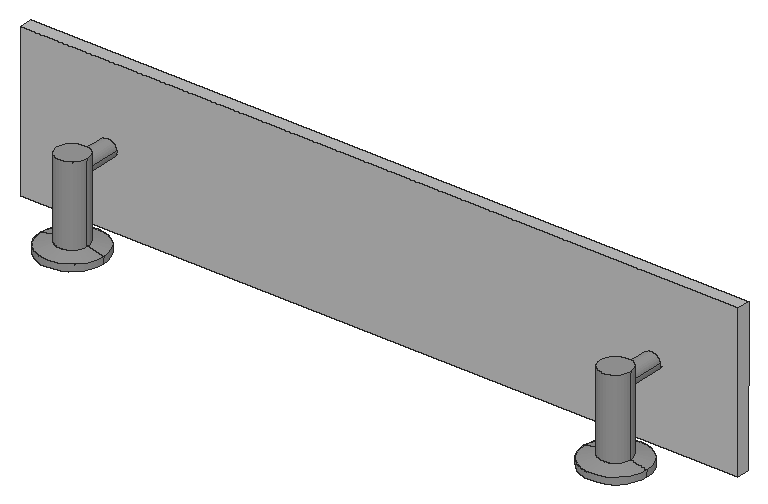
Revit family "MONAT Repisa BC7079000", category Generic Models, host Face, Revit 2014
Parameters
  MODELO = "MONAT"
  MARCA = "WASSER"
  EMPRESA = "CHC COMERCIAL HISPANO CHILENA"
  Default Elevation = 1219.2 mm
  DIMENSIONES = ""
  CÓDIGO = "BC7079000"
  ACCESORIO = "REPISA"
Reference planes
  plane 1 "Center (Front/Back)": y = 0
  plane 2: z = 0
  plane 3 "Center (Left/Right)": x = 0
  plane 4: z = 70
  plane 5: z = 5
  plane 6: y = 175
  plane 7: y = 230
  plane 8: x = 430
  plane 9: x = 499
  plane 10: x = -69
Forms (mm)
  Extrusion 1, solid, material "Steel, Galvanized"
    sketch origin (0, 0, 0) x (1, 0, 0) y (0, 1, 0)
      loop
        circle (0, 0) r 25
    from 0 to 5
  Blend 2, solid, material "Steel, Galvanized"
    base sketch origin (0, 0, 10) x (1, 0, 0) y (0, 1, 0)
      loop
        circle (0, 0) r 25
    top sketch origin (0, 0, 10) x (1, 0, 0) y (0, 1, 0)
      loop
        circle (0, 0) r 12
    from -5 to -2.05
  Extrusion 3, solid, material "Steel, Galvanized"
    sketch origin (0, 0, 0) x (1, 0, 0) y (0, 1, 0)
      loop
        circle (0, 0) r 12
    from 7.95 to 70
  Extrusion 4, solid, material "Steel, Galvanized"
    sketch origin (430, 0, 0) x (1, 0, 0) y (0, 1, 0)
      loop
        circle (0, 0) r 25
    from 0 to 5
  Blend 5, solid, material "Steel, Galvanized"
    base sketch origin (430, 0, 10) x (1, 0, 0) y (0, 1, 0)
      loop
        circle (0, 0) r 25
    top sketch origin (430, 0, 10) x (1, 0, 0) y (0, 1, 0)
      loop
        circle (0, 0) r 12
    from -5 to -2.05
  Extrusion 6, solid, material "Steel, Galvanized"
    sketch origin (430, 0, 0) x (1, 0, 0) y (0, 1, 0)
      loop
        circle (0, 0) r 12
    from 7.95 to 70
  Extrusion 7, solid, material "Steel, Galvanized"
    sketch origin (0, 0, 0) x (1, 0, 0) y (0, 0, 1)
      loop
        circle (430, 58.149) r 7
    from -52.953 to -9.724
  Extrusion 8, solid, material "Steel, Galvanized"
    sketch origin (-430, 0, 0) x (1, 0, 0) y (0, 0, 1)
      loop
        circle (430, 58.149) r 7
    from -52.953 to -9.022
  Extrusion 9, solid, material "Glass, Cast, Clear"
    sketch origin (0, 0, 0) x (0, 1, 0) y (0, 0, 1)
      loop
        line (45, 0) -> (45, 120) -> (35, 120) -> (35, 0) -> (45, 0)
    from -69 to 499
Dimensions and locks
  aligned and locked: plane 2 to host face
  aligned and locked: level to host face
